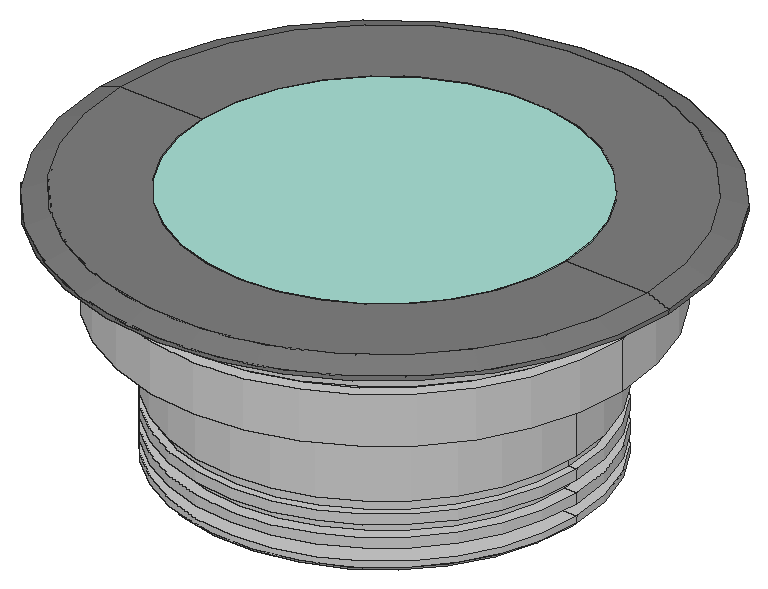
Revit family "Bright 5.F", category Lighting Fixtures, host Face, Revit 2017 (continued)
Types (16, lengths in mm): name | Wattage | Power | Photometric Web File | Optics | built-in parameter 1150142 | built-in parameter 1150105 | Lumens | built-in parameter 1150106 | Apparent Load Phase 1
    .00 0.00 0.00 0.00 0.00 0.00 0.00 0.00 0.00 \r\n0.00 0.00 0.00 0.00 0.00 0.00 0.00 0.00 0.00 0.00 0.00 \r\n0.00 0.00 0.00 0.00 0.00 0.00 0.00 0.00 0.00 0.00 0.00 \r\n0.00 0.00 0.00 0.00 0.00 0.00 0.00 0.00 0.00 0.00 0.00 \r\n0.00 \r\n3191.58 3174.85 3102.63 2992.50 2849.63 2684.44 2494.17 \r\n2296.99 2100.84 1897.18 1707.45 1524.73 1346.97 1190.85 \r\n1049.39 919.79 799.66 693.91 601.76 521.45 448.90 386.97 \r\n335.29 291.10 252.78 219.67 192.22 167.96 148.26 129.81 \r\n115.01 101.72 90.07 79.94 70.86 62.97 55.55 49.03 43.04 \r\n37.65 32.82 28.83 25.18 22.09 19.35 16.86 14.74 12.96 \r\n11.43 10.01 8.72 7.64 6.68 5.82 5.12 4.50 3.95 3.48 3.08 \r\n2.71 2.39 2.10 1.84 1.63 1.45 1.31 1.17 1.04 0.91 0.80 \r\n0.70 0.62 0.54 0.47 0.39 0.34 0.29 0.26 0.23 0.21 0.19 \r\n0.18 0.16 0.14 0.13 0.11 0.09 0.08 0.05 0.02 0.01 0.00 \r\n0.00 0.00 0.00 0.00 0.00 0.00 0.00 0.00 0.00 0.00 0.00 \r\n0.00 0.00 0.00 0.00 0.00 0.00 0.00 0.00 0.00 0.00 0.00 \r\n0.00 0.00 0.00 0.00 0.00 0.00 0.00 0.00 0.00 0.00 0.00 \r\n0.00 0.00 0.00 0.00 0.00 0.00 0.00 0.00 0.00 0.00 0.00 \r\n0.00 0.00 0.00 0.00 0.00 0.00 0.00 0.00 0.00 0.00 0.00 \r\n0.00 0.00 0.00 0.00 0.00 0.00 0.00 0.00 0.00 0.00 0.00 \r\n0.00 0.00 0.00 0.00 0.00 0.00 0.00 0.00 0.00 0.00 0.00 \r\n0.00 0.00 0.00 0.00 0.00 0.00 0.00 0.00 0.00 0.00 0.00 \r\n0.00 \r\n3191.58 3170.86 3087.68 2964.34 2799.97 2617.47 2403.18 \r\n2180.99 1966.62 1750.60 1546.02 1355.81 1172.74 1018.66 \r\n885.81 760.92 654.34 563.18 485.45 419.24 362.53 314.62 \r\n273.99 238.69 208.88 182.26 160.34 141.45 124.88 111.02 \r\n97.92 87.06 77.53 68.80 60.96 54.01 47.76 42.18 37.07 \r\n32.61 28.48 24.82 21.76 19.07 16.86 14.98 13.41 11.99 \r\n10.69 9.45 8.29 7.23 6.31 5.50 4.79 4.20 3.71 3.27 2.86 \r\n2.50 2.19 1.91 1.69 1.51 1.36 1.22 1.10 0.98 0.88 0.78 \r\n0.68 0.60 0.53 0.45 0.38 0.32 0.28 0.25 0.22 0.20 0.19 \r\n0.17 0.15 0.14 0.12 0.11 0.09 0.08 0.05 0.02 0.00 0.00 \r\n0.00 0.00 0.00 0.00 0.00 0.00 0.00 0.00 0.00 0.00 0.00 \r\n0.00 0.00 0.00 0.00 0.00 0.00 0.00 0.00 0.00 0.00 0.00 \r\n0.00 0.00 0.00 0.00 0.00 0.00 0.00 0.00 0.00 0.00 0.00 \r\n0.00 0.00 0.00 0.00 0.00 0.00 0.00 0.00 0.00 0.00 0.00 \r\n0.00 0.00 0.00 0.00 0.00 0.00 0.00 0.00 0.00 0.00 0.00 \r\n0.00 0.00 0.00 0.00 0.00 0.00 0.00 0.00 0.00 0.00 0.00 \r\n0.00 0.00 0.00 0.00 0.00 0.00 0.00 0.00 0.00 0.00 0.00 \r\n0.00 0.00 0.00 0.00 0.00 0.00 0.00 0.00 0.00 0.00 0.00 \r\n0.00 \r\n3191.58 3147.45 3077.83 2935.09 2754.70 2547.61 2321.01 \r\n2083.49 1842.98 1616.50 1402.05 1217.86 1037.56 881.11 \r\n754.16 644.58 554.46 474.07 407.46 353.31 305.68 265.56 \r\n233.48 203.71 179.64 157.56 138.88 122.70 108.43 96.18 \r\n85.45 75.80 67.41 59.89 53.21 47.40 42.06 37.23 32.74 \r\n28.66 24.92 21.80 19.07 16.93 15.17 13.73 12.42 11.24 \r\n10.13 9.05 8.02 7.04 6.14 5.30 4.61 4.03 3.52 3.06 2.65 \r\n2.29 2.00 1.78 1.59 1.43 1.29 1.15 1.04 0.94 0.84 0.76 \r\n0.67 0.59 0.52 0.44 0.37 0.31 0.27 0.24 0.22 0.20 0.18 \r\n0.16 0.15 0.13 0.12 0.10 0.09 0.07 0.05 0.02 0.01 0.00 \r\n0.00 0.00 0.00 0.00 0.00 0.00 0.00 0.00 0.00 0.00 0.00 \r\n0.00 0.00 0.00 0.00 0.00 0.00 0.00 0.00 0.00 0.00 0.00 \r\n0.00 0.00 0.00 0.00 0.00 0.00 0.00 0.00 0.00 0.00 0.00 \r\n0.00 0.00 0.00 0.00 0.00 0.00 0.00 0.00 0.00 0.00 0.00 \r\n0.00 0.00 0.00 0.00 0.00 0.00 0.00 0.00 0.00 0.00 0.00 \r\n0.00 0.00 0.00 0.00 0.00 0.00 0.00 0.00 0.00 0.00 0.00 \r\n0.00 0.00 0.00 0.00 0.00 0.00 0.00 0.00 0.00 0.00 0.00 \r\n0.00 0.00 0.00 0.00 0.00 0.00 0.00 0.00 0.00 0.00 0.00 \r\n0.00 \r\n3191.58 3139.42 3047.12 2913.19 2719.69 2491.20 2244.85 \r\n1998.11 1749.76 1510.65 1290.17 1098.39 923.75 781.84 \r\n663.90 561.16 480.32 411.14 355.04 307.27 267.37 234.53 \r\n205.87 180.63 158.54 139.22 122.93 108.86 96.48 85.39 \r\n75.80 67.51 59.81 53.44 47.49 42.44 37.73 33.41 29.38 \r\n25.69 22.39 19.55 17.22 15.46 14.04 12.82 11.72 10.67 \r\n9.66 8.73 7.83 6.94 6.09 5.28 4.57 3.91 3.34 2.84 2.45 \r\n2.14 1.90 1.70 1.52 1.37 1.23 1.11 1.00 0.90 0.81 0.73 \r\n0.66 0.59 0.51 0.43 0.36 0.30 0.26 0.23 0.21 0.19 0.17 \r\n0.16 0.15 0.13 0.12 0.10 0.09 0.07 0.05 0.02 0.00 0.00 \r\n0.00 0.00 0.00 0.00 0.00 0.00 0.00 0.00 0.00 0.00 0.00 \r\n0.00 0.00 0.00 0.00 0.00 0.00 0.00 0.00 0.00 0.00 0.00 \r\n0.00 0.00 0.00 0.00 0.00 0.00 0.00 0.00 0.00 0.00 0.00 \r\n0.00 0.00 0.00 0.00 0.00 0.00 0.00 0.00 0.00 0.00 0.00 \r\n0.00 0.00 0.00 0.00 0.00 0.00 0.00 0.00 0.00 0.00 0.00 \r\n0.00 0.00 0.00 0.00 0.00 0.00 0.00 0.00 0.00 0.00 0.00 \r\n0.00 0.00 0.00 0.00 0.00 0.00 0.00 0.00 0.00 0.00 0.00 \r\n0.00 0.00 0.00 0.00 0.00 0.00 0.00 0.00 0.00 0.00 0.00 \r\n0.00 \r\n3191.58 3145.92 3010.90 2842.45 2632.50 2394.35 2136.13 \r\n1877.34 1632.20 1394.08 1181.60 1000.13 835.56 698.97 \r\n591.01 501.44 427.53 366.40 316.57 275.00 240.51 210.32 \r\n184.96 162.38 143.04 125.47 110.19 97.47 86.39 76.41 \r\n68.04 60.67 54.03 48.19 42.95 38.45 34.35 30.36 26.72 \r\n23.37 20.43 17.95 15.95 14.52 13.27 12.13 11.11 10.17 \r\n9.25 8.44 7.60 6.80 6.01 5.23 4.46 3.72 3.14 2.68 2.34 \r\n2.07 1.84 1.64 1.47 1.32 1.20 1.08 0.97 0.88 0.79 0.72 \r\n0.65 0.58 0.49 0.42 0.35 0.29 0.25 0.23 0.20 0.19 0.17 \r\n0.16 0.14 0.13 0.11 0.10 0.09 0.07 0.05 0.02 0.01 0.00 \r\n0.00 0.00 0.00 0.00 0.00 0.00 0.00 0.00 0.00 0.00 0.00 \r\n0.00 0.00 0.00 0.00 0.00 0.00 0.00 0.00 0.00 0.00 0.00 \r\n0.00 0.00 0.00 0.00 0.00 0.00 0.00 0.00 0.00 0.00 0.00 \r\n0.00 0.00 0.00 0.00 0.00 0.00 0.00 0.00 0.00 0.00 0.00 \r\n0.00 0.00 0.00 0.00 0.00 0.00 0.00 0.00 0.00 0.00 0.00 \r\n0.00 0.00 0.00 0.00 0.00 0.00 0.00 0.00 0.00 0.00 0.00 \r\n0.00 0.00 0.00 0.00 0.00 0.00 0.00 0.00 0.00 0.00 0.00 \r\n0.00 0.00 0.00 0.00 0.00 0.00 0.00 0.00 0.00 0.00 0.00 \r\n0.00 \r\n3191.58 3134.49 3025.99 2841.53 2599.19 2338.52 2068.99 \r\n1785.78 1526.67 1280.25 1073.26 898.07 739.88 616.51 \r\n519.26 440.33 378.20 325.15 281.19 245.64 214.02 187.04 \r\n164.62 144.18 126.80 111.50 97.85 86.70 76.66 67.86 60.40 \r\n53.99 48.15 43.00 38.59 34.54 30.78 27.37 24.04 21.12 \r\n18.70 16.54 14.90 13.59 12.49 11.48 10.52 9.65 8.78 7.93 \r\n7.13 6.28 5.45 4.72 4.07 3.53 3.04 2.62 2.28 2.00 1.76 \r\n1.58 1.42 1.28 1.16 1.04 0.95 0.85 0.77 0.70 0.62 0.54 \r\n0.46 0.39 0.32 0.27 0.24 0.22 0.19 0.18 0.16 0.15 0.14 \r\n0.12 0.11 0.10 0.08 0.07 0.04 0.02 0.00 0.00 0.00 0.00 \r\n0.00 0.00 0.00 0.00 0.00 0.00 0.00 0.00 0.00 0.00 0.00 \r\n0.00 0.00 0.00 0.00 0.00 0.00 0.00 0.00 0.00 0.00 0.00 \r\n0.00 0.00 0.00 0.00 0.00 0.00 0.00 0.00 0.00 0.00 0.00 \r\n0.00 0.00 0.00 0.00 0.00 0.00 0.00 0.00 0.00 0.00 0.00 \r\n0.00 0.00 0.00 0.00 0.00 0.00 0.00 0.00 0.00 0.00 0.00 \r\n0.00 0.00 0.00 0.00 0.00 0.00 0.00 0.00 0.00 0.00 0.00 \r\n0.00 0.00 0.00 0.00 0.00 0.00 0.00 0.00 0.00 0.00 0.00 \r\n0.00 0.00 0.00 0.00 0.00 0.00 0.00 0.00 0.00 0.00 \r\n3191.58 3133.44 2996.91 2818.58 2575.12 2308.48 2034.18 \r\n1773.94 1504.63 1258.06 1048.57 870.19 718.32 595.21 \r\n503.44 425.48 365.08 313.49 272.58 236.95 206.20 180.31 \r\n158.65 138.66 121.41 106.64 94.06 83.23 73.21 65.11 57.87 \r\n51.64 46.15 41.35 37.08 33.46 29.87 26.48 23.38 20.69 \r\n18.38 16.38 14.75 13.44 12.32 11.31 10.41 9.50 8.63 7.75 \r\n6.83 5.94 5.21 4.54 4.00 3.54 3.11 2.73 2.37 2.05 1.79 \r\n1.60 1.44 1.30 1.17 1.07 0.96 0.86 0.78 0.71 0.63 0.55 \r\n0.47 0.40 0.33 0.28 0.24 0.21 0.20 0.18 0.16 0.15 0.14 \r\n0.12 0.11 0.10 0.08 0.07 0.05 0.03 0.01 0.00 0.00 0.00 \r\n0.00 0.00 0.00 0.00 0.00 0.00 0.00 0.00 0.00 0.00 0.00 \r\n0.00 0.00 0.00 0.00 0.00 0.00 0.00 0.00 0.00 0.00 0.00 \r\n0.00 0.00 0.00 0.00 0.00 0.00 0.00 0.00 0.00 0.00 0.00 \r\n0.00 0.00 0.00 0.00 0.00 0.00 0.00 0.00 0.00 0.00 0.00 \r\n0.00 0.00 0.00 0.00 0.00 0.00 0.00 0.00 0.00 0.00 0.00 \r\n0.00 0.00 0.00 0.00 0.00 0.00 0.00 0.00 0.00 0.00 0.00 \r\n0.00 0.00 0.00 0.00 0.00 0.00 0.00 0.00 0.00 0.00 0.00 \r\n0.00 0.00 0.00 0.00 0.00 0.00 0.00 0.00 0.00 0.00 \r\n3191.58 3141.60 3014.49 2819.51 2577.97 2298.61 2008.39 \r\n1732.85 1465.31 1219.36 1009.65 829.68 689.04 570.24 \r\n478.50 408.64 347.22 300.14 259.25 226.25 197.74 171.89 \r\n150.19 131.59 115.64 101.46 89.27 78.58 69.61 61.71 54.92 \r\n49.00 43.76 39.36 35.47 31.83 28.48 25.31 22.55 20.18 \r\n17.96 16.13 14.60 13.26 12.08 11.07 10.08 9.13 8.17 7.20 \r\n6.34 5.60 4.96 4.40 3.91 3.47 3.07 2.71 2.39 2.10 1.84 \r\n1.63 1.44 1.30 1.18 1.07 0.97 0.88 0.79 0.69 0.61 0.54 \r\n0.46 0.39 0.32 0.27 0.23 0.21 0.19 0.17 0.16 0.15 0.13 \r\n0.12 0.11 0.10 0.08 0.07 0.05 0.02 0.01 0.00 0.00 0.00 \r\n0.00 0.00 0.00 0.00 0.00 0.00 0.00 0.00 0.00 0.00 0.00 \r\n0.00 0.00 0.00 0.00 0.00 0.00 0.00 0.00 0.00 0.00 0.00 \r\n0.00 0.00 0.00 0.00 0.00 0.00 0.00 0.00 0.00 0.00 0.00 \r\n0.00 0.00 0.00 0.00 0.00 0.00 0.00 0.00 0.00 0.00 0.00 \r\n0.00 0.00 0.00 0.00 0.00 0.00 0.00 0.00 0.00 0.00 0.00 \r\n0.00 0.00 0.00 0.00 0.00 0.00 0.00 0.00 0.00 0.00 0.00 \r\n0.00 0.00 0.00 0.00 0.00 0.00 0.00 0.00 0.00 0.00 0.00 \r\n0.00 0.00 0.00 0.00 0.00 0.00 0.00 0.00 0.00 0.00 \r\n3191.58 3130.02 3015.32 2812.13 2561.33 2284.29 1987.17 \r\n1700.82 1426.45 1182.58 976.27 803.72 661.33 548.06 \r\n462.66 392.49 336.45 289.54 251.02 219.06 190.39 166.20 \r\n145.34 126.62 111.02 97.70 85.70 75.60 67.10 59.56 53.00 \r\n47.33 42.53 38.23 34.31 30.83 27.51 24.55 22.11 19.88 \r\n17.93 16.24 14.69 13.31 11.99 10.77 9.66 8.62 7.67 6.84 \r\n6.07 5.44 4.88 4.34 3.88 3.45 3.05 2.70 2.39 2.14 1.89 \r\n1.67 1.49 1.32 1.19 1.09 0.98 0.88 0.78 0.68 0.60 0.53 \r\n0.46 0.38 0.32 0.27 0.23 0.21 0.19 0.17 0.16 0.15 0.13 \r\n0.12 0.11 0.10 0.08 0.07 0.05 0.02 0.01 0.00 0.00 0.00 \r\n0.00 0.00 0.00 0.00 0.00 0.00 0.00 0.00 0.00 0.00 0.00 \r\n0.00 0.00 0.00 0.00 0.00 0.00 0.00 0.00 0.00 0.00 0.00 \r\n0.00 0.00 0.00 0.00 0.00 0.00 0.00 0.00 0.00 0.00 0.00 \r\n0.00 0.00 0.00 0.00 0.00 0.00 0.00 0.00 0.00 0.00 0.00 \r\n0.00 0.00 0.00 0.00 0.00 0.00 0.00 0.00 0.00 0.00 0.00 \r\n0.00 0.00 0.00 0.00 0.00 0.00 0.00 0.00 0.00 0.00 0.00 \r\n0.00 0.00 0.00 0.00 0.00 0.00 0.00 0.00 0.00 0.00 0.00 \r\n0.00 0.00 0.00 0.00 0.00 0.00 0.00 0.00 0.00 0.00 \r\n3191.58 3126.67 3000.43 2799.22 2547.85 2264.69 1968.84 \r\n1681.52 1407.24 1167.31 960.21 791.52 651.06 536.39 \r\n452.79 383.14 328.55 283.85 245.95 213.82 186.31 162.05 \r\n141.96 124.01 108.51 95.51 84.08 73.96 65.21 58.28 51.93 \r\n46.32 41.57 37.35 33.65 30.35 27.15 24.27 21.83 19.77 \r\n18.05 16.34 14.79 13.28 11.79 10.46 9.24 8.18 7.31 6.55 \r\n5.92 5.36 4.82 4.32 3.86 3.44 3.05 2.70 2.41 2.16 1.93 \r\n1.72 1.53 1.35 1.22 1.10 0.98 0.87 0.77 0.68 0.60 0.52 \r\n0.45 0.38 0.31 0.27 0.23 0.21 0.19 0.17 0.16 0.14 0.13 \r\n0.12 0.11 0.09 0.08 0.07 0.05 0.02 0.01 0.00 0.00 0.00 \r\n0.00 0.00 0.00 0.00 0.00 0.00 0.00 0.00 0.00 0.00 0.00 \r\n0.00 0.00 0.00 0.00 0.00 0.00 0.00 0.00 0.00 0.00 0.00 \r\n0.00 0.00 0.00 0.00 0.00 0.00 0.00 0.00 0.00 0.00 0.00 \r\n0.00 0.00 0.00 0.00 0.00 0.00 0.00 0.00 0.00 0.00 0.00 \r\n0.00 0.00 0.00 0.00 0.00 0.00 0.00 0.00 0.00 0.00 0.00 \r\n0.00 0.00 0.00 0.00 0.00 0.00 0.00 0.00 0.00 0.00 0.00 \r\n0.00 0.00 0.00 0.00 0.00 0.00 0.00 0.00 0.00 0.00 0.00 \r\n0.00 0.00 0.00 0.00 0.00 0.00 0.00 0.00 0.00 0.00 \r\n3191.58 3134.90 3011.02 2802.70 2545.89 2273.54 1963.98 \r\n1671.21 1404.44 1154.45 946.65 790.52 646.22 533.75 \r\n450.93 379.66 327.33 282.50 244.86 213.70 185.10 161.09 \r\n140.78 123.08 108.58 94.82 83.27 73.26 64.78 57.75 51.59 \r\n46.12 41.52 37.37 33.48 30.13 27.01 24.17 21.84 19.79 \r\n18.12 16.51 14.87 13.35 11.79 10.37 9.13 8.03 7.21 6.52 \r\n5.92 5.36 4.81 4.31 3.86 3.46 3.07 2.72 2.42 2.17 1.93 \r\n1.73 1.57 1.41 1.24 1.08 0.96 0.86 0.77 0.69 0.60 0.52 \r\n0.45 0.38 0.31 0.26 0.23 0.21 0.19 0.17 0.16 0.15 0.13 \r\n0.12 0.11 0.09 0.08 0.07 0.05 0.02 0.01 0.00 0.00 0.00 \r\n0.00 0.00 0.00 0.00 0.00 0.00 0.00 0.00 0.00 0.00 0.00 \r\n0.00 0.00 0.00 0.00 0.00 0.00 0.00 0.00 0.00 0.00 0.00 \r\n0.00 0.00 0.00 0.00 0.00 0.00 0.00 0.00 0.00 0.00 0.00 \r\n0.00 0.00 0.00 0.00 0.00 0.00 0.00 0.00 0.00 0.00 0.00 \r\n0.00 0.00 0.00 0.00 0.00 0.00 0.00 0.00 0.00 0.00 0.00 \r\n0.00 0.00 0.00 0.00 0.00 0.00 0.00 0.00 0.00 0.00 0.00 \r\n0.00 0.00 0.00 0.00 0.00 0.00 0.00 0.00 0.00 0.00 0.00 \r\n0.00 0.00 0.00 0.00 0.00 0.00 0.00 0.00 0.00 0.00 \r\n3191.58 3126.67 3000.43 2799.22 2547.85 2264.69 1968.84 \r\n1681.52 1407.24 1167.31 960.21 791.52 651.06 536.39 \r\n452.79 383.14 328.55 283.85 245.95 213.82 186.31 162.05 \r\n141.96 124.01 108.51 95.51 84.08 73.96 65.21 58.28 51.93 \r\n46.32 41.57 37.35 33.65 30.35 27.15 24.27 21.83 19.77 \r\n18.05 16.34 14.79 13.28 11.79 10.46 9.24 8.18 7.31 6.55 \r\n5.92 5.36 4.82 4.32 3.86 3.44 3.05 2.70 2.41 2.16 1.93 \r\n1.72 1.53 1.35 1.22 1.10 0.98 0.87 0.77 0.68 0.60 0.52 \r\n0.45 0.38 0.31 0.27 0.23 0.21 0.19 0.17 0.16 0.14 0.13 \r\n0.12 0.11 0.09 0.08 0.07 0.05 0.02 0.01 0.00 0.00 0.00 \r\n0.00 0.00 0.00 0.00 0.00 0.00 0.00 0.00 0.00 0.00 0.00 \r\n0.00 0.00 0.00 0.00 0.00 0.00 0.00 0.00 0.00 0.00 0.00 \r\n0.00 0.00 0.00 0.00 0.00 0.00 0.00 0.00 0.00 0.00 0.00 \r\n0.00 0.00 0.00 0.00 0.00 0.00 0.00 0.00 0.00 0.00 0.00 \r\n0.00 0.00 0.00 0.00 0.00 0.00 0.00 0.00 0.00 0.00 0.00 \r\n0.00 0.00 0.00 0.00 0.00 0.00 0.00 0.00 0.00 0.00 0.00 \r\n0.00 0.00 0.00 0.00 0.00 0.00 0.00 0.00 0.00 0.00 0.00 \r\n0.00 0.00 0.00 0.00 0.00 0.00 0.00 0.00 0.00 0.00 \r\n3191.58 3130.02 3015.32 2812.13 2561.33 2284.29 1987.17 \r\n1700.82 1426.45 1182.58 976.27 803.72 661.33 548.06 \r\n462.66 392.49 336.45 289.54 251.02 219.06 190.39 166.20 \r\n145.34 126.62 111.02 97.70 85.70 75.60 67.10 59.56 53.00 \r\n47.33 42.53 38.23 34.31 30.83 27.51 24.55 22.11 19.88 \r\n17.93 16.24 14.69 13.31 11.99 10.77 9.66 8.62 7.67 6.84 \r\n6.07 5.44 4.88 4.34 3.88 3.45 3.05 2.70 2.39 2.14 1.89 \r\n1.67 1.49 1.32 1.19 1.09 0.98 0.88 0.78 0.68 0.60 0.53 \r\n0.46 0.38 0.32 0.27 0.23 0.21 0.19 0.17 0.16 0.15 0.13 \r\n0.12 0.11 0.10 0.08 0.07 0.05 0.02 0.01 0.00 0.00 0.00 \r\n0.00 0.00 0.00 0.00 0.00 0.00 0.00 0.00 0.00 0.00 0.00 \r\n0.00 0.00 0.00 0.00 0.00 0.00 0.00 0.00 0.00 0.00 0.00 \r\n0.00 0.00 0.00 0.00 0.00 0.00 0.00 0.00 0.00 0.00 0.00 \r\n0.00 0.00 0.00 0.00 0.00 0.00 0.00 0.00 0.00 0.00 0.00 \r\n0.00 0.00 0.00 0.00 0.00 0.00 0.00 0.00 0.00 0.00 0.00 \r\n0.00 0.00 0.00 0.00 0.00 0.00 0.00 0.00 0.00 0.00 0.00 \r\n0.00 0.00 0.00 0.00 0.00 0.00 0.00 0.00 0.00 0.00 0.00 \r\n0.00 0.00 0.00 0.00 0.00 0.00 0.00 0.00 0.00 0.00 \r\n3191.58 3141.60 3014.49 2819.51 2577.97 2298.61 2008.39 \r\n1732.85 1465.31 1219.36 1009.65 829.68 689.04 570.24 \r\n478.50 408.64 347.22 300.14 259.25 226.25 197.74 171.89 \r\n150.19 131.59 115.64 101.46 89.27 78.58 69.61 61.71 54.92 \r\n49.00 43.76 39.36 35.47 31.83 28.48 25.31 22.55 20.18 \r\n17.96 16.13 14.60 13.26 12.08 11.07 10.08 9.13 8.17 7.20 \r\n6.34 5.60 4.96 4.40 3.91 3.47 3.07 2.71 2.39 2.10 1.84 \r\n1.63 1.44 1.30 1.18 1.07 0.97 0.88 0.79 0.69 0.61 0.54 \r\n0.46 0.39 0.32 0.27 0.23 0.21 0.19 0.17 0.16 0.15 0.13 \r\n0.12 0.11 0.10 0.08 0.07 0.05 0.02 0.01 0.00 0.00 0.00 \r\n0.00 0.00 0.00 0.00 0.00 0.00 0.00 0.00 0.00 0.00 0.00 \r\n0.00 0.00 0.00 0.00 0.00 0.00 0.00 0.00 0.00 0.00 0.00 \r\n0.00 0.00 0.00 0.00 0.00 0.00 0.00 0.00 0.00 0.00 0.00 \r\n0.00 0.00 0.00 0.00 0.00 0.00 0.00 0.00 0.00 0.00 0.00 \r\n0.00 0.00 0.00 0.00 0.00 0.00 0.00 0.00 0.00 0.00 0.00 \r\n0.00 0.00 0.00 0.00 0.00 0.00 0.00 0.00 0.00 0.00 0.00 \r\n0.00 0.00 0.00 0.00 0.00 0.00 0.00 0.00 0.00 0.00 0.00 \r\n0.00 0.00 0.00 0.00 0.00 0.00 0.00 0.00 0.00 0.00 \r\n3191.58 3133.44 2996.91 2818.58 2575.12 2308.48 2034.18 \r\n1773.94 1504.63 1258.06 1048.57 870.19 718.32 595.21 \r\n503.44 425.48 365.08 313.49 272.58 236.95 206.20 180.31 \r\n158.65 138.66 121.41 106.64 94.06 83.23 73.21 65.11 57.87 \r\n51.64 46.15 41.35 37.08 33.46 29.87 26.48 23.38 20.69 \r\n18.38 16.38 14.75 13.44 12.32 11.31 10.41 9.50 8.63 7.75 \r\n6.83 5.94 5.21 4.54 4.00 3.54 3.11 2.73 2.37 2.05 1.79 \r\n1.60 1.44 1.30 1.17 1.07 0.96 0.86 0.78 0.71 0.63 0.55 \r\n0.47 0.40 0.33 0.28 0.24 0.21 0.20 0.18 0.16 0.15 0.14 \r\n0.12 0.11 0.10 0.08 0.07 0.05 0.03 0.01 0.00 0.00 0.00 \r\n0.00 0.00 0.00 0.00 0.00 0.00 0.00 0.00 0.00 0.00 0.00 \r\n0.00 0.00 0.00 0.00 0.00 0.00 0.00 0.00 0.00 0.00 0.00 \r\n0.00 0.00 0.00 0.00 0.00 0.00 0.00 0.00 0.00 0.00 0.00 \r\n0.00 0.00 0.00 0.00 0.00 0.00 0.00 0.00 0.00 0.00 0.00 \r\n0.00 0.00 0.00 0.00 0.00 0.00 0.00 0.00 0.00 0.00 0.00 \r\n0.00 0.00 0.00 0.00 0.00 0.00 0.00 0.00 0.00 0.00 0.00 \r\n0.00 0.00 0.00 0.00 0.00 0.00 0.00 0.00 0.00 0.00 0.00 \r\n0.00 0.00 0.00 0.00 0.00 0.00 0.00 0.00 0.00 0.00 \r\n3191.58 3134.49 3025.99 2841.53 2599.19 2338.52 2068.99 \r\n1785.78 1526.67 1280.25 1073.26 898.07 739.88 616.51 \r\n519.26 440.33 378.20 325.15 281.19 245.64 214.02 187.04 \r\n164.62 144.18 126.80 111.50 97.85 86.70 76.66 67.86 60.40 \r\n53.99 48.15 43.00 38.59 34.54 30.78 27.37 24.04 21.12 \r\n18.70 16.54 14.90 13.59 12.49 11.48 10.52 9.65 8.78 7.93 \r\n7.13 6.28 5.45 4.72 4.07
